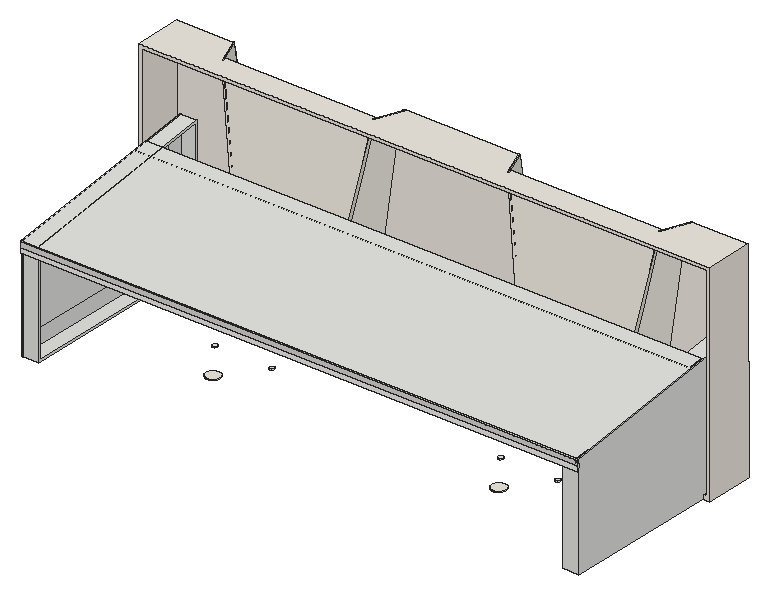
Revit family "Plumbing-Sink-Sloan-Valve-DSOF-82000", category Plumbing Fixtures, host Face, Revit 2019
Family settings
  Host = Face
  Round Connector Dimension = Use Diameter
  Part Type = Normal
  OmniClass Number = 23.45.05.14.14
  OmniClass Title = Sinks/Lavatories
  Cut with Voids When Loaded = No
  Shared = No
  Room Calculation Point = No
Parameters (values of type "DSOF-82000")
  Width = 60.00"  # constant formula
  Water Flow = 0.0 GPM
  Waste Connection = yes
  WFU = 2
  Vent Connection = no
  Valve Pressure Drop = 0.0 Pa
  URL = "www.sloanvalve.com"
  Sanitary Drain Connection Diameter = 1.50"
  Product data url = "https://bimobject.com/sloan_valve/product/sinks_designer-series_dsof-82000"
  Product Material = Sloan - Corian - Venaro White
  Product Guid = ""
  Part Number = ""
  Model = "DSOF-82000"
  Manufacturer = "Sloan Valve"  # constant formula
  Keynote = "10000"
  Hot Water Connection Diameter = 0.50"
  Height = 5.00"  # constant formula
  HWFU = 1.5
  HW Connection = yes
  z_Elevation [instance] = 34.00"  # constant formula
  Enclosure [instance] = yes
  Edition number = 1
  Description = "Designer Series™ 2-Station Wall-Mounted Open Front Sink."
  Depth = 22.00"  # constant formula
  Default Elevation = 0.00"  # constant formula
  Cold Water Connection Diameter = 0.50"
  CWFU = 1.5
  CW Connection = yes
  Assembly Code = "D2010400"
  ADA Compliant = 1 = 1  # yes
Reference planes (in)
  plane 1 "Center (Front/Back)": y = 0
  plane 2: z = 0
  plane 3 "Center (Left/Right)": x = 0
  plane 4: y = -14
  plane 5: y = -34
  plane 6: z = 2.31604
  plane 7: x = -11
  plane 8: z = 2.94104
  plane 9: x = 11
  plane 10: z = 2.94104
  plane 11: z = 2.31604
  plane 12: x = -30
  plane 13: x = 30
  plane 14: z = 22
  plane 15: x = -15
  plane 16: x = 15
Forms (in)
  Extrusion 1, solid, not visible
    sketch origin (0, 0, 0) x (1, 0, 0) y (0, 1, 0)
      loop
        circle (0, -14) r 0.75
      loop
        circle (3, -10) r 0.25
      loop
        circle (-3, -10) r 0.25
    from 0 to 0.50971
Dimensions and locks (in)
  locked: plane 4 to plane 1 "Center (Front/Back)" at 14
  "z_Elevation": plane 5 to plane 1 "Center (Front/Back)"
  aligned and locked: plane 2 to host face
  aligned and locked: level to host face
  aligned and locked: plane 3 "Center (Left/Right)" to nested 1
  aligned and locked: plane 1 "Center (Front/Back)" to nested 1
Automatic sketch dimensions
  host sketch curve to host sketch curve = 96.00"  (x2)
  Extrusion 1 sketch curve to plane 4 = 0.00"
  plane 7 to Extrusion 1 sketch curve = 14.00"
  plane 4 to Extrusion 1 sketch curve = 4.00"  (x2)
  plane 15 to Extrusion 1 sketch curve = 15.00"
  plane 15 to Extrusion 1 sketch curve = 12.00"
  radius of Extrusion 1 sketch curve = 0.75"
  radius of Extrusion 1 sketch curve = 0.25"  (x2)
Nested families (in)
  nested 1: "Geometry" at (0, 0, 0), type "Geometry"
Connectors (in)
  piping at (0, -14, 0), diameter 1.5, driven by "Sanitary Drain Connection Diameter", driven by "WFU"
    settings: on Extrusion 1, index 2, connector inside diameter 24.00", connector length 0.00", flow factor 0, pipe flow 0.0 GPM, pressure drop 0.0 Pa, fitting loss kfactor 0, connector angle 0.00°, fixture units 2, engagement length 0.00", angle of deflection 0.00°, flow configuration 3, flow direction 2, fitting loss method 0, system type 16, joint type 0, gender type 0, connector reference index -1, connector utility 0, adjustable connector no, is connector primary yes, connector description "Sanitary Drain Connection"
  piping at (3, -10, 0), diameter 0.5, driven by "Cold Water Connection Diameter"
    settings: on Extrusion 1, index 3, connector inside diameter 24.00", connector length 0.00", flow factor 0, pipe flow 0.0 GPM, pressure drop 0.0 Pa, fitting loss kfactor 0, connector angle 0.00°, fixture units 1.5, engagement length 0.00", angle of deflection 0.00°, flow configuration 3, flow direction 1, fitting loss method 0, system type 20, joint type 0, gender type 0, connector reference index -1, connector utility 0, adjustable connector no, is connector primary no, connector description "Cold Water Connection"
  piping at (-3, -10, 0), diameter 0.5, driven by "Hot Water Connection Diameter"
    settings: on Extrusion 1, index 4, connector inside diameter 24.00", connector length 0.00", flow factor 0, pipe flow 0.0 GPM, pressure drop 0.0 Pa, fitting loss kfactor 0, connector angle 0.00°, fixture units 1.5, engagement length 0.00", angle of deflection 0.00°, flow configuration 3, flow direction 1, fitting loss method 0, system type 19, joint type 0, gender type 0, connector reference index -1, connector utility 0, adjustable connector no, is connector primary no, connector description "Hot Water Connection"
Definition of nested family "Geometry"
  Parameters (values of type "Geometry")
    URL = ""
    Product Material = none
    Model = ""
    Metal Material = none
    Manufacturer = ""
    Enclosure Material = none
    Enclosure = yes
    Description = ""
    Default Elevation = 34.00"
    Assembly Code = ""
  Reference planes (in)
    plane 1 "Center (Front/Back)": y = 0
    plane 2: z = 0
    plane 3 "Center (Left/Right)": x = 0
    plane 4: y = -5
    plane 5: y = -2.5
    plane 6: z = 22
    plane 7: x = -15
    plane 8: x = 15
    plane 9: x = -30
    plane 10: x = 30
    plane 11: y = -34
    plane 12: y = -10
    plane 13: y = -14
    plane 14: z = 2.31604
  Forms (in)
    Extrusion 1, solid
      sketch origin (0, 0, 0) x (1, 0, 0) y (0, 1, 0)
        loop
          line (-48, 48) -> (-48, -48) -> (48, -48) -> (48, 48) -> (-48, 48)
      from 0 to -12
    Sweep 2, solid, material <- "Product Material"
      path origin (-15, 0, 0) x (1, 0, 0) y (0, 0, 1)
        loop
          line (45, 22) -> (-15, 22) -> (-15, 0) -> (45, 0) -> (45, 22)
      profile origin (0, 0, 22) x (0, 0, -1) y (0, -1, 0)
        loop
          line (0.375, 5) -> (0, 5) -> (0, 0) -> (0.375, 0) -> (0.375, 5)
    Extrusion 3, void
      sketch origin (-15, 0, 0) x (1, 0, 0) y (0, 1, 0)
        loop
          line (9, 0) -> (-9, 0) -> (-8, -2.5) -> (8, -2.5) -> (9, 0)
      from 21.625 to 22
    Extrusion 4, solid, material <- "Product Material"
      sketch origin (-15, 0, 0) x (1, 0, 0) y (0, 1, 0)
        loop
          line (-4.79979, -4.375) -> (4.79979, -4.375) -> (6.3654, -0.5) -> (-6.3654, -0.5) -> (-4.79979, -4.375)
      from 4.625 to 5
    Extrusion 5, solid, material <- "Product Material"
      sketch origin (-15, 0, 0) x (0, 1, 0) y (0, 0, 1)
        loop
          line (-4, 8.97618) -> (-2.5, 22) -> (-2.87748, 22) -> (-4.375, 8.9977) -> (-4.375, 4.625) -> (-4, 4.625) -> (-4, 8.97618)
      from -9 to 9
    Extrusion 6, void
      sketch origin (-15, -0.5, 0) x (0, 1, 0) y (0, 0, 1)
        loop
          line (-2, 22) -> (-2.04319, 21.625) -> (-2, 21.625) -> (-2, 22)
      from -8.0452 to 8.02811
    Extrusion 7, void
      sketch origin (-15, 0, 0) x (1, 0, 0) y (0, 0, 1)
        loop
          line (9, 4.625) -> (9, 21.625) -> (7.92702, 21.625) -> (4.86229, 4.625) -> (9, 4.625)
        loop
          line (-9, 4.625) -> (-4.86229, 4.625) -> (-7.92702, 21.625) -> (-9, 21.625) -> (-9, 4.625)
      from 2 to 5
    Extrusion 8, solid, material <- "Product Material"
      sketch origin (-15, 0, 0) x (1, 0, 0) y (0, 0, 1)
        loop
          line (6.58879, 5) -> (-6.5, 5) -> (-8.94485, 21.625) -> (-14.625, 21.625) -> (-14.625, 0.375) -> (44.625, 0.375) -> (44.625, 21.625) -> (38.94485, 21.625) -> (36.5, 5) -> (23.41121, 5) -> (21.05515, 21.625) -> (8.94485, 21.625) -> (6.58879, 5)
      from 0 to 0.5
    Blend 9, solid, material <- "Product Material"
      base sketch origin (-15, 0, 0) x (1, 0, 0) y (0, 1, 0)
        loop
          line (-9, 0) -> (-9.06988, 0) -> (-7.9206, -2.86679) -> (-7.85328, -2.86679) -> (-9, 0)
      top sketch origin (-15, 0, 0) x (1, 0, 0) y (0, 1, 0)
        loop
          line (-6.5, 0) -> (-6.56741, 0) -> (-4.79979, -4.375) -> (-4.73239, -4.375) -> (-6.5, 0)
      from 22 to 4.625
    Extrusion 10, void
      sketch origin (15, 0, 0) x (-1, 0, 0) y (0, -1, 0)
        loop
          line (9, 0) -> (8, 2.5) -> (-8, 2.5) -> (-9, 0) -> (9, 0)
      from 21.625 to 22
    Extrusion 11, solid, material <- "Product Material"
      sketch origin (15, 0, 0) x (-1, 0, 0) y (0, -1, 0)
        loop
          line (-4.79979, 4.375) -> (-6.3654, 0.5) -> (6.3654, 0.5) -> (4.79979, 4.375) -> (-4.79979, 4.375)
      from 4.625 to 5
    Extrusion 12, solid, material <- "Product Material"
      sketch origin (15, 0, 0) x (0, 1, 0) y (0, 0, -1)
        loop
          line (-4, -8.97618) -> (-4, -4.625) -> (-4.375, -4.625) -> (-4.375, -8.9977) -> (-2.87748, -22) -> (-2.5, -22) -> (-4, -8.97618)
      from -9 to 9
    Extrusion 13, void
      sketch origin (15, -0.5, 0) x (0, 1, 0) y (0, 0, -1)
        loop
          line (-2, -22) -> (-2, -21.625) -> (-2.04319, -21.625) -> (-2, -22)
      from -8.0452 to 8.02811
    Extrusion 14, void
      sketch origin (15, 0, 0) x (-1, 0, 0) y (0, 0, -1)
        loop
          line (9, -4.625) -> (4.86229, -4.625) -> (7.92702, -21.625) -> (9, -21.625) -> (9, -4.625)
        loop
          line (-9, -4.625) -> (-9, -21.625) -> (-7.92702, -21.625) -> (-4.86229, -4.625) -> (-9, -4.625)
      from 2 to 5
    Blend 15, solid, material <- "Product Material"
      base sketch origin (15, 0, 0) x (-1, 0, 0) y (0, -1, 0)
        loop
          line (-9, 0) -> (-7.85328, 2.86679) -> (-7.9206, 2.86679) -> (-9.06988, 0) -> (-9, 0)
      top sketch origin (15, 0, 0) x (-1, 0, 0) y (0, -1, 0)
        loop
          line (-6.5, 0) -> (-4.73239, 4.375) -> (-4.79979, 4.375) -> (-6.56741, 0) -> (-6.5, 0)
      from 22 to 4.625
    Blend 16, solid, material <- "Product Material"
      base sketch origin (15, 0, 0) x (1, 0, 0) y (0, 1, 0)
        loop
          line (-9, 0) -> (-9.06988, 0) -> (-7.9206, -2.86679) -> (-7.85328, -2.86679) -> (-9, 0)
      top sketch origin (15, 0, 0) x (1, 0, 0) y (0, 1, 0)
        loop
          line (-6.5, 0) -> (-6.56741, 0) -> (-4.79979, -4.375) -> (-4.73239, -4.375) -> (-6.5, 0)
      from 22 to 4.625
    Blend 17, solid, material <- "Product Material"
      base sketch origin (-15, 0, 0) x (-1, 0, 0) y (0, -1, 0)
        loop
          line (-9, 0) -> (-7.85328, 2.86679) -> (-7.9206, 2.86679) -> (-9.06988, 0) -> (-9, 0)
      top sketch origin (-15, 0, 0) x (-1, 0, 0) y (0, -1, 0)
        loop
          line (-6.5, 0) -> (-4.73239, 4.375) -> (-4.79979, 4.375) -> (-6.56741, 0) -> (-6.5, 0)
      from 22 to 4.625
    Extrusion 18, solid, material <- "Metal Material"
      sketch origin (0, -3.43867, 0) x (1, 0, 0) y (0, 0, 1)
        loop
          line (16, 8) -> (14, 8) -> (14, 6) -> (16, 6) -> (16, 8)
      from 0 to 0.5
    Extrusion 19, solid, material <- "Metal Material"
      sketch origin (0, -3.43867, 0) x (-1, 0, 0) y (0, 0, -1)
        loop
          line (16, -8) -> (16, -6) -> (14, -6) -> (14, -8) -> (16, -8)
      from 0 to 0.5
    Extrusion 20, solid, material <- "Product Material"
      sketch origin (0, 0, 0) x (1, 0, 0) y (0, 1, 0)
        loop
          circle (15, -14) r 0.75
        loop
          circle (12, -10) r 0.25
        loop
          circle (18, -10) r 0.25
        loop
          circle (-15, -14) r 0.75
        loop
          circle (-18, -10) r 0.25
        loop
          circle (-12, -10) r 0.25
      from -0.03687 to 0
    Extrusion 21, solid, material <- "Enclosure Material", visible <- "Enclosure"
      sketch origin (44.97266, 25.62107, 59.38794) x (0, 1, 0) y (0, 0, 1)
        loop
          line (-30.62246, -47.25332) -> (-30.74068, -46.38635) -> (-32.10307, -46.57213) -> (-31.98485, -47.43911) -> (-30.62246, -47.25332)
        loop
          line (-32.03833, -47.50948) -> (-30.55208, -47.30681) -> (-30.6872, -46.31598) -> (-32.17344, -46.51865) -> (-32.03833, -47.50948)
        loop
          line (-45.48491, -49.28) -> (-45.60313, -48.41303) -> (-46.96553, -48.59881) -> (-46.8473, -49.46578) -> (-45.48491, -49.28)
        loop
          line (-45.41454, -49.33349) -> (-45.54965, -48.34265) -> (-47.0359, -48.54532) -> (-46.90078, -49.53615) -> (-45.41454, -49.33349)
      from -74.03516 to -15.91016
    Sweep 22, solid, material <- "Enclosure Material", visible <- "Enclosure"
      path origin (30.1875, 0.59528, 0) x (0, 1, 0) y (0, 0, 1)
        loop
          line (-1.09528, 13.69464) -> (-21.875, 10.86104) -> (-21.875, 0) -> (-1.09528, 0) -> (-1.09528, 13.69464)
      profile origin (30.1875, -0.5, 6.84732) x (1, 0, 0) y (0, 1, 0)
        loop
          line (-59.4375, 0) -> (-59.4375, -1.75) -> (-59.25, -1.75) -> (-59.25, -0.1875) -> (-57.6875, -0.1875) -> (-57.6875, 0) -> (-59.4375, 0)
    Sweep 23, solid, material <- "Enclosure Material", visible <- "Enclosure"
      path origin (29.8125, 0.59528, 0) x (0, 1, 0) y (0, 0, -1)
        loop
          line (-1.09528, -13.69464) -> (-1.09528, 0) -> (-21.875, 0) -> (-21.875, -10.86104) -> (-1.09528, -13.69464)
      profile origin (29.8125, -0.5, 6.84732) x (-1, 0, 0) y (0, -1, 0)
        loop
          line (0.5625, 0) -> (2.3125, 0) -> (2.3125, 0.1875) -> (0.75, 0.1875) -> (0.75, 1.75) -> (0.5625, 1.75) -> (0.5625, 0)
    Extrusion 24, solid, material <- "Enclosure Material", visible <- "Enclosure"
      sketch origin (14.88281, 25.66941, 59.31415) x (0, 1, 0) y (0, 0, 1)
        loop
          arc (-30.72266, -46.22421) -> (-30.69997, -46.19435) -> (-30.72983, -46.17166) r 0.02652
          line (-30.72983, -46.17166) -> (-47.06827, -48.39963)
          arc (-47.06827, -48.39963) -> (-47.12442, -48.44125) -> (-47.14314, -48.50859) r 0.10755
          line (-47.14314, -48.50859) -> (-47.0696, -49.04788) -> (-47.14957, -49.517) -> (-47.10028, -49.5254) -> (-47.01903, -49.04872) -> (-47.0933, -48.504)
          arc (-47.0933, -48.504) -> (-47.08629, -48.47456) -> (-47.0653, -48.45275) r 0.05755
          line (-47.0653, -48.45275) -> (-30.72266, -46.22421)
      from -44.13281 to 14.36719
    Extrusion 25, solid, material <- "Enclosure Material", visible <- "Enclosure"
      sketch origin (-88.49609, -192.125, 111) x (0, 0, 1) y (0, 1, 0)
        loop
          line (-97.30536, 191.625) -> (-111, 191.625) -> (-111, 170.84528) -> (-100.13896, 170.84528) -> (-97.30536, 191.625)
      from -59.24609 to -59.30859
    Extrusion 26, solid, material <- "Enclosure Material", visible <- "Enclosure"
      sketch origin (88.49609, -192.125, 111) x (0, 0, 1) y (0, -1, 0)
        loop
          line (-97.30536, -191.625) -> (-100.13896, -170.84528) -> (-111, -170.84528) -> (-111, -191.625) -> (-97.30536, -191.625)
      from -59.24609 to -59.30859
  Cuts and joins
    Extrusion 10, Extrusion 13, Extrusion 14 cuts Blend 9
    joined: Blend 9, Blend 17
    Extrusion 3, Extrusion 6, Extrusion 10, Extrusion 13, Extrusion 14 cuts Sweep 2
    Extrusion 6, Extrusion 14 cuts Extrusion 4
    Extrusion 3, Extrusion 6, Extrusion 7, Extrusion 10, Extrusion 13, Extrusion 14 cuts Extrusion 5
    Extrusion 13 cuts Extrusion 11
    Extrusion 10, Extrusion 13, Extrusion 14 cuts Extrusion 12
    joined: Sweep 2, Extrusion 4, Extrusion 5, Extrusion 11, Extrusion 12
    Extrusion 3, Extrusion 10 cuts Extrusion 8
    joined: Blend 15, Blend 16
    joined: Sweep 23, Extrusion 26
  Lines and regions (in)
    Masking region 1
      outline origin (0, 0, 0) x (1, 0, 0) y (0, 0, 1)
        loop
          line (30, 22) -> (-30, 22) -> (-30, 0) -> (30, 0) -> (30, 22)
    symbolic lines, detail levels medium+fine
      curve 1: line (24.06988, 0, 22) -> (21.56741, 0, 4.625)
      curve 2: line (21.56741, 0, 4.625) -> (8.43259, 0, 4.625)
      curve 3: line (8.43259, 0, 4.625) -> (5.93012, 0, 22)
      curve 4: line (22.9206, 0, 22) -> (19.79979, 0, 4.625)
      curve 5: line (7.0794, 0, 22) -> (10.20021, 0, 4.625)
      curve 6: line (9.41867, 0, 8.97618) -> (20.58133, 0, 8.97618)
      curve 11: line (-24.06988, 0, 22) -> (-21.56741, 0, 4.625)
      curve 12: line (-21.56741, 0, 4.625) -> (-8.43259, 0, 4.625)
      curve 13: line (-8.43259, 0, 4.625) -> (-5.93012, 0, 22)
      curve 14: line (-22.9206, 0, 22) -> (-19.79979, 0, 4.625)
      curve 15: line (-7.0794, 0, 22) -> (-10.20021, 0, 4.625)
      curve 16: line (-9.41867, 0, 8.97618) -> (-20.58133, 0, 8.97618)
    symbolic lines, detail levels fine
      curve 7: line (14, 0, 8) -> (16, 0, 8)
      curve 8: line (16, 0, 8) -> (16, 0, 6)
      curve 9: line (16, 0, 6) -> (14, 0, 6)
      curve 10: line (14, 0, 6) -> (14, 0, 8)
      curve 17: line (-14, 0, 8) -> (-16, 0, 8)
      curve 18: line (-16, 0, 8) -> (-16, 0, 6)
      curve 19: line (-16, 0, 6) -> (-14, 0, 6)
      curve 20: line (-14, 0, 6) -> (-14, 0, 8)
      curve 21: circle (-15, 0, 2.31604) r 0.625 normal (0, -1, 0)
      curve 22: circle (15, 0, 2.31604) r 0.625 normal (0, 1, 0)
      curve 23: circle (-11, 0, 2.94104) r 0.5 normal (0, -1, 0)
      curve 24: circle (11, 0, 2.94104) r 0.5 normal (0, 1, 0)
  Dimensions and locks (in)
    plane 8 to plane 7 = 30.00"
    plane 9 to plane 10 = 60.00"
    plane 6 to cut or joined group of Extrusion 3, Extrusion 8, Extrusion 10 = 0.375"
    Extrusion 1 to plane 6 = 22.00"
    plane 5 to plane 1 "Center (Front/Back)" = 2.50"
    plane 4 to plane 5 = 2.50"
    plane 4 to plane 1 "Center (Front/Back)" = 5.00"
    curve 21 to plane 9 = 15.00"
    locked: curve 21 to curve 22 at 30
    locked: curve 23 to plane 14 at 0.625
    locked: curve 24 to plane 14 at 0.625
    locked: curve 23 to plane 7 at 4
    locked: curve 24 to plane 8 at 4
    Extrusion 20 sketch curve to plane 7 to Extrusion 20 sketch curve = 3.00", 3.00"
    Extrusion 20 sketch curve to plane 8 to Extrusion 20 sketch curve = 3.00", 3.00"
    aligned and locked: plane 2 to Extrusion 1
    aligned and locked: level to Extrusion 1
    aligned and locked: plane 14 to curve 21
    aligned and locked: plane 14 to curve 22
